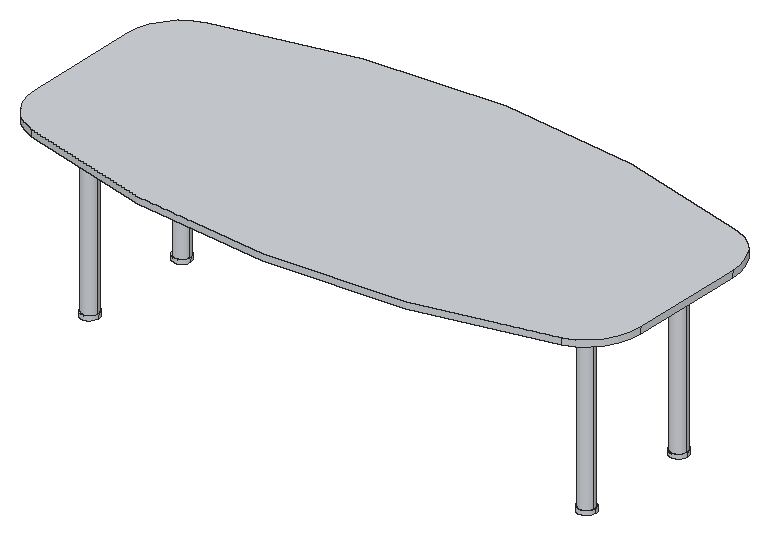
Revit family
Parameters (values of type "2400 x 1200")
  Material Table = none
  Model = "Meeting Table"
  Manufacturer = "Revit"
  Material Leg = none
  Keynote = "N"
  Description = "Table"
  Assembly Code = "E2020200"
Reference planes
  plane 1: z = 0
  plane 2 "Center (Left/Right)": x = 0
  plane 3: y = -188.822
  plane 4: x = -984.721
  plane 5: x = 984.721
  plane 6: y = 39.653
  plane 7: y = -417.297
Forms (mm)
  Extrusion 1, solid, material <- "Material Table"
    sketch origin (0, 0, 0) x (1, 0, 0) y (0, 1, 0)
      loop
        arc (1051.36, 244.359) -> (0, 411.178) -> (-1051.36, 244.359) r 3396.449
        arc (-1051.36, 244.359) -> (-1158.921, 166.143) -> (-1200, 39.653) r 215.279
        line (-1200, 39.653) -> (-1200, -417.297)
        arc (-1200, -417.297) -> (-1158.921, -543.786) -> (-1051.36, -622.002) r 215.279
        arc (-1051.36, -622.002) -> (0, -788.822) -> (1051.36, -622.002) r 3396.449
        arc (1051.36, -622.002) -> (1158.921, -543.786) -> (1200, -417.297) r 215.279
        line (1200, -417.297) -> (1200, 39.653)
        arc (1200, 39.653) -> (1158.921, 166.143) -> (1051.36, 244.359) r 215.279
    from 700 to 725
Lines and regions (mm)
  Masking region 1
    outline origin (0, 0, 0) x (1, 0, 0) y (0, 1, 0)
      loop
        arc (1051.36, 244.359) -> (0, 411.178) -> (-1051.36, 244.359) r 3396.449
        arc (-1051.36, 244.359) -> (-1158.921, 166.143) -> (-1200, 39.653) r 215.279
        line (-1200, 39.653) -> (-1200, -417.297)
        arc (-1200, -417.297) -> (-1158.921, -543.786) -> (-1051.36, -622.002) r 215.279
        arc (-1051.36, -622.002) -> (0, -788.822) -> (1051.36, -622.002) r 3396.449
        arc (1051.36, -622.002) -> (1158.921, -543.786) -> (1200, -417.297) r 215.279
        line (1200, -417.297) -> (1200, 39.653)
        arc (1200, 39.653) -> (1158.921, 166.143) -> (1051.36, 244.359) r 215.279
  symbolic lines
    curve 1: arc (1051.36, 244.359, 0) -> (0, 411.178, 0) -> (-1051.36, 244.359, 0) r 3396.449
    curve 2: arc (-1051.36, 244.359, 0) -> (-1158.921, 166.143, 0) -> (-1200, 39.653, 0) r 215.279
    curve 3: line (-1200, 39.653, 0) -> (-1200, -417.297, 0)
    curve 4: arc (-1200, -417.297, 0) -> (-1158.921, -543.786, 0) -> (-1051.36, -622.002, 0) r 215.279
    curve 5: arc (-1051.36, -622.002, 0) -> (0, -788.822, 0) -> (1051.36, -622.002, 0) r 3396.449
    curve 6: arc (1051.36, -622.002, 0) -> (1158.921, -543.786, 0) -> (1200, -417.297, 0) r 215.279
    curve 7: line (1200, -417.297, 0) -> (1200, 39.653, 0)
    curve 8: arc (1200, 39.653, 0) -> (1158.921, 166.143, 0) -> (1051.36, 244.359, 0) r 215.279
    curve 9: line (0, -128.822, 0) -> (0, -248.822, 0)
    curve 10: line (-60, -188.822, 0) -> (60, -188.822, 0)
Dimensions and locks
  aligned and locked: Extrusion 1 to nested 1
  aligned: Masking region 1 sketch curve to curve 1
  aligned: Masking region 1 sketch curve to curve 2
  aligned: Masking region 1 sketch curve to curve 3
  aligned: Masking region 1 sketch curve to curve 4
  aligned: Masking region 1 sketch curve to curve 5
  aligned: Masking region 1 sketch curve to curve 6
  aligned: Masking region 1 sketch curve to curve 7
  aligned: Masking region 1 sketch curve to curve 8
Nested families
  nested 1: "Leg" at (-984.721, -417.297, 0), type "Height 700mm"
  nested 2: "Leg" at (-984.721, 39.653, 0), type "Height 700mm"
  nested 3: "Leg" at (984.721, -417.297, 0) x (-1, 0, 0) z (0, 0, 1), type "Height 700mm"
  nested 4: "Leg" at (984.721, 39.653, 0) x (-1, 0, 0) z (0, 0, 1), type "Height 700mm"
Definition of nested family "Leg"
  Parameters (values of type "Height 700mm")
    Model = "Abacus"
    Manufacturer = "LM"
    Leg Material = none
    Description = "Table Leg"
    Assembly Code = "E2020200"
  Reference planes
    plane 1 "Center (Front/Back)": y = 0
    plane 2: z = 0
    plane 3 "Center (Left/Right)": x = 0
  Forms (mm)
    Revolve 1, solid, material <- "Leg Material"
      sketch origin (0, 0, 0) x (1, 0, 0) y (0, 0, 1)
        loop
          line (0, 15) -> (0, 700) -> (-43, 700) -> (-33, 650) -> (-30, 650) -> (-30, 15) -> (0, 15)
        axis (0, 15) -> (0, 700)
      angle from 0 to 360
    Extrusion 2, solid, material <- "Leg Material"
      sketch origin (0, 0, 0) x (1, 0, 0) y (0, 1, 0)
        loop
          circle (0, 0) r 35
      from 0 to 15
  Dimensions and locks
    aligned and locked: plane 3 "Center (Left/Right)" to Revolve 1 sketch curve
    aligned and locked: Revolve 1 to Extrusion 2
